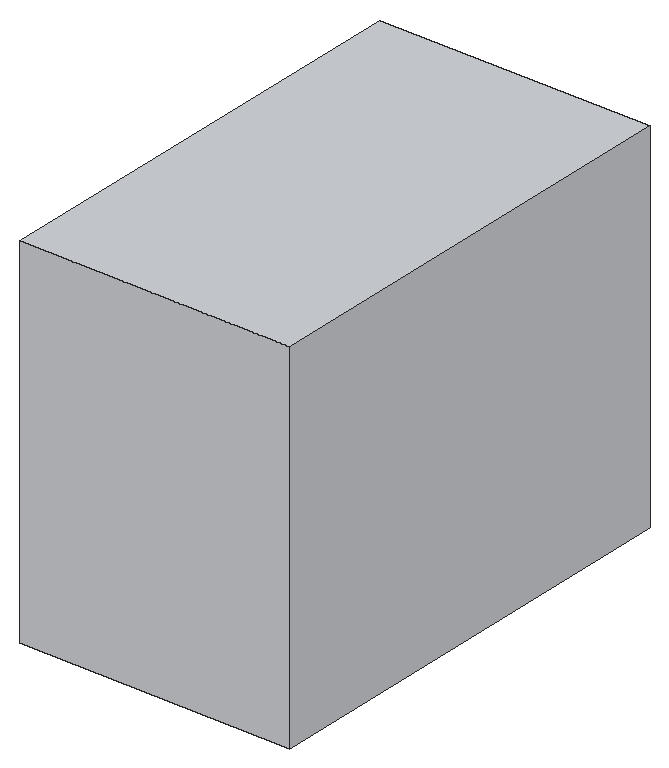
Revit family "XXX_RLT-Gerät_Erhitzer allgemein", category HLS-Bauteile, Revit 2014
Parameters (values of type "Allgemein")
  Breite = 500 mm
  Druckverlust [instance] = 0.00 in-wg
  Länge = 300 mm
  Höhe = 400 mm
  Widerstandsbeiwert [instance] = 0
Reference planes
  plane 1 "Mitte (Vorne/Hinten)": y = 0
  plane 2: z = 0
  plane 3 "Mitte (Links/Rechts)": x = 0
  plane 4: y = 250
  plane 5: y = -250
  plane 6: x = -150
  plane 7: x = 150
  plane 8: z = 200
  plane 9: z = -200
  plane 10: z = 230
  plane 11: y = -280
  plane 12: z = -230
  plane 13: y = 280
  plane 14: x = -145
  plane 15: x = 145
Forms (mm)
  Extrusion 1, solid, detail levels medium+fine
    sketch origin (-150, 397.271, 1219.2) x (0, 1, 0) y (0, 0, 1)
      loop
        line (-147.271, -1019.2) -> (-647.271, -1019.2) -> (-647.271, -1419.2) -> (-147.271, -1419.2) -> (-147.271, -1019.2)
    from 0 to 300
Lines and regions (mm)
  model lines, detail levels coarse
    curve 1: line (-150, 250, 0) -> (150, 250, 0)
    curve 2: line (-150, -250, 0) -> (-150, 250, 0)
    curve 3: line (150, -250, 0) -> (-150, -250, 0)
    curve 4: line (150, 250, 0) -> (150, -250, 0)
    curve 5: line (-150, -250, 0) -> (150, 250, 0)
    curve 9: line (-150, 0, 200) -> (150, 0, 200)
    curve 10: line (-150, 0, -200) -> (-150, 0, 200)
    curve 11: line (150, 0, -200) -> (-150, 0, -200)
    curve 12: line (150, 0, 200) -> (150, 0, -200)
    curve 13: line (-145, 0, -200) -> (145, 0, 200)
    curve 14: line (0, 250, 200) -> (0, -250, 200)
    curve 15: line (0, 250, -200) -> (0, 250, 200)
    curve 16: line (0, -250, -200) -> (0, 250, -200)
    curve 17: line (0, -250, 200) -> (0, -250, -200)
  model lines, detail levels medium+fine
    curve 6: line (-145, -241.667, 200) -> (145, 241.667, 200)
    curve 7: line (-145, -250, -200) -> (145, -250, 200)
    curve 8: line (-145, 250, -200) -> (145, 250, 200)
    curve 18: line (145, -241.667, 200) -> (-145, 241.667, 200)
Dimensions and locks
  equal spacing: plane 6, plane 3 "Mitte (Links/Rechts)", plane 7
  "Länge": plane 6 to plane 7
  equal spacing: plane 5, plane 1 "Mitte (Vorne/Hinten)", plane 4
  equal spacing: plane 8, level, plane 9
  "Höhe": plane 8 to plane 9
  "Breite": plane 5 to plane 4
  plane 10 to plane 8 = 30 mm
  plane 12 to plane 9 = 30 mm
  plane 13 to plane 4 = 30 mm
  plane 5 to plane 11 = 30 mm
  plane 6 to plane 14 = 5 mm
  plane 15 to plane 7 = 5 mm
  aligned and locked: plane 2 to level
  aligned and locked: plane 7 to Extrusion 1
  aligned and locked: Extrusion 1 to plane 6
  aligned and locked: plane 8 to Extrusion 1
  aligned and locked: plane 9 to Extrusion 1
  aligned and locked: plane 5 to Extrusion 1
  aligned and locked: plane 4 to Extrusion 1
  aligned and locked: curve 1 to Extrusion 1
  aligned and locked: curve 2 to Extrusion 1
  aligned and locked: curve 3 to Extrusion 1
  aligned and locked: curve 4 to Extrusion 1
  aligned and locked: curve 5 to curve 6
  aligned and locked: curve 6 to curve 7
  aligned and locked: plane 14 to curve 7
  aligned and locked: curve 8 to curve 7
  aligned and locked: curve 9 to Extrusion 1
  aligned and locked: curve 10 to Extrusion 1
  aligned and locked: curve 11 to Extrusion 1
  aligned and locked: curve 12 to Extrusion 1
  aligned and locked: curve 14 to Extrusion 1
  aligned and locked: curve 15 to curve 8
  aligned and locked: curve 16 to Extrusion 1
  aligned and locked: curve 17 to curve 7
Automatic sketch dimensions
  Extrusion 1 sketch curve to plane 5 = 0 mm
  Extrusion 1 sketch curve to plane 4 = 0 mm
  plane 9 to Extrusion 1 sketch curve = 0 mm
  Extrusion 1 sketch curve to plane 8 = 0 mm
  curve 18 to plane 15 = 0 mm
  curve 6 to plane 14 = 0 mm
  curve 18 to plane 14 = 0 mm
  curve 6 to plane 15 = 0 mm
  curve 18 to plane 5 = 8.333 mm
  curve 18 to plane 4 = 8.333 mm
  curve 7 to plane 15 = 0 mm
  curve 7 to plane 9 = 0 mm
  curve 8 to plane 8 = 0 mm
  curve 8 to plane 9 = 0 mm
  curve 13 to plane 14 = 0 mm
  curve 13 to plane 15 = 0 mm
Connectors
  hvac at (-150, 0, 0), driven by "Widerstandsbeiwert", driven by "Höhe", driven by "Breite"
    settings: on Extrusion 1, index 1, duct flow 0 CFM, flow factor 0, pres drop 0.00 in-wg, loss coef 0, conn angle 0.00°, conn width 500 mm, conn height 400 mm, conn diameter 609.6 mm, duct sys type 29, conn prof type 1, flow config 0, flow direction 0, loss method 6, conn ref index 2, conn util no, is conn primary yes, conn desc ""
  hvac at (150, 0, 0), driven by "Widerstandsbeiwert", driven by "Breite", driven by "Höhe"
    settings: on Extrusion 1, index 2, duct flow 0 CFM, flow factor 0, pres drop 0.00 in-wg, loss coef 0, conn angle 0.00°, conn width 500 mm, conn height 400 mm, conn diameter 609.6 mm, duct sys type 29, conn prof type 1, flow config 0, flow direction 0, loss method 6, conn ref index 1, conn util no, is conn primary no, conn desc ""
